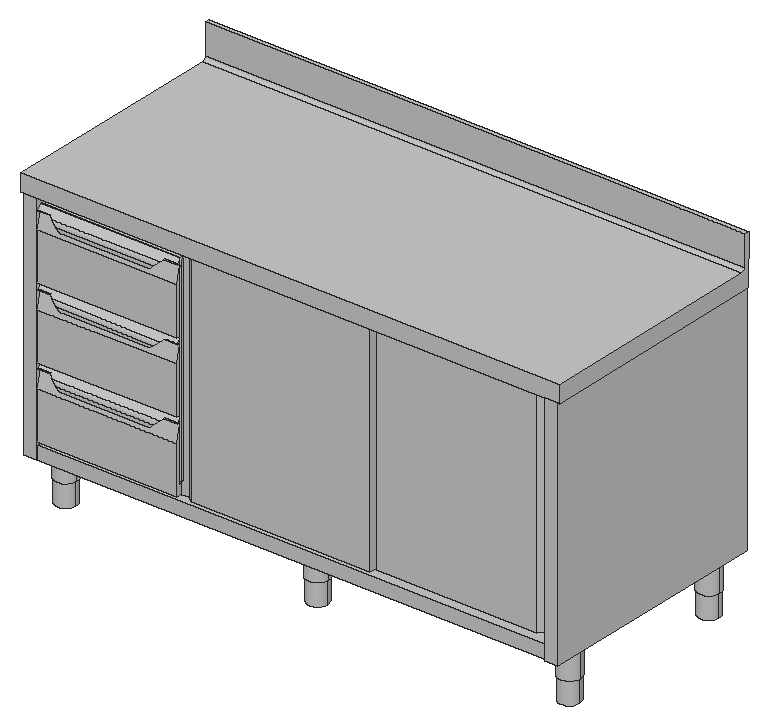
Revit family "QF_ELECTROLUXPROFESSIONAL_133170_NTA1610SXP", category Attrezzature speciali, Revit 2020
Family settings
  Quota connettore circolare = Usa diametro
  Tipo di parte = Normale
  Basato su piano di lavoro = No
  Sempre verticale = Sì
  Taglio con vuoti quando caricato = No
  Condiviso = No
  Punto di calcolo locali = No
Parameters (values of type "Standard")
  Weight = 70.00 kg
  Watts = 0 W
  Volts = 0 V
  URL Manufacturer = "https://www.electroluxprofessional.com/"
  URL = "https://www.electroluxprofessional.com/"
  Steam Supply Size = 0 mm
  Steam Supply Minimum Pressure = 0.0 Pa
  Steam Supply Maximum Pressure = 0.0 Pa
  Steam Consumption per Hour = 0
  Refrigeration Suction Line Size = 0.0 mm
  Refrigeration Liquid Line Size = 0.0 mm
  Refrigerant Compressor Remote = yes
  Prospetto di default = 0.0 mm
  Phase = 0
  Modello = "NTA1610SXP"
  Produttore = "Electrolux Professional"
  Length Actual = 1600.0 mm  # constant formula
  Item Number = "133170"
  Hot Water Size = 0 mm
  Height Actual = 1000.0 mm  # constant formula
  HP = "0 HP"
  Gas Size = 0 mm
  Gas KW = 0
  Gas Input Pressure = 0 W
  Direct Waste Size = 0 mm
  Descrizione = "TABLE+SPLBACK3L/H DRAW 2SLID.DOORS1600MM"
  Depth Actual = 700.0 mm  # constant formula
  Cycle = 0 Hz
  Condensate Return Size = 0 mm
  Compressed Air Volume = 0.0 L/s
  Compressed Air Size = 0 mm
  Compressed Air Pressure = 0.0 Pa
  Cold Water Size = 0 mm
  Accessory = yes
Reference planes
  plane 1 "Center (Front/Back)": y = 0
  plane 2: z = 0
  plane 3 "BACK": y = 350
  plane 4 "FRONT": y = -350
  plane 5 "TOP": z = 900
  plane 6: y = 270
  plane 7: y = -247
  plane 8 "FEET": z = 150
  plane 9: y = -344.5
  plane 10 "BaseTop": z = 850
  plane 11: y = 344.5
  plane 12: z = 1000
  plane 13 "Center (Left/Right)": x = -200
  plane 14: x = 9
  plane 15 "Right": x = 600
  plane 16 "Left": x = -1000
  plane 17: x = 554
  plane 18: x = -954
  plane 19: x = 556.5
  plane 20: x = -538.5
  plane 21: x = 33.5
  plane 22: x = -15.5
  plane 23: x = 594.5
  plane 24: x = -536
  plane 25: x = -956.5
  plane 26: x = 547
  plane 27: x = -947
  plane 28: x = -994.5
Forms (mm)
  Extrusion 1, solid, material "QF_Finishes_Stainless Steel"
    sketch origin (-400, 0, 150) x (1, 0, 0) y (0, 1, 0)
      loop
        line (994.5, 350) -> (956.5, 350) -> (956.5, -350) -> (994.5, -350) -> (994.5, 350)
      loop
        line (-556.4, 350) -> (-594.5, 350) -> (-594.5, -344.5) -> (-556.4, -344.5) -> (-556.4, 350)
    from 0 to 700
  Extrusion 2, solid, material "QF_Finishes_Stainless Steel"
    sketch origin (-400, 0, 150) x (1, 0, 0) y (0, 1, 0)
      loop
        line (956.5, 347) -> (-556.5, 347) -> (-556.5, -344.5) -> (956.5, -344.5) -> (956.5, 347)
    from 0 to 40
  Extrusion 3, solid, material "QF_Finishes_Stainless Steel"
    sketch origin (-433, 0, 150) x (1, 0, 0) y (0, 1, 0)
      loop
        line (417.5, -324.5) -> (946.034, -324.5) -> (966.034, -307.5) -> (985, -307.5) -> (985, -315.812) -> (976.312, -324.5) -> (977.942, -326.129) -> (987, -317.071) -> (987, -304.5) -> (417.5, -304.5) -> (417.5, -324.5)
    from 700 to 50
  Extrusion 4, void
    sketch origin (-400, -350, 0) x (1, 0, 0) y (0, 0, -1)
      loop
        line (942.418, -247.973) -> (956.5, -229.369) -> (956.5, -191.4) -> (942.418, -191.4) -> (942.418, -247.973)
      loop
        line (942.418, -816.627) -> (942.418, -850) -> (956.5, -850) -> (956.5, -835.231) -> (942.418, -816.627)
    from 20.5 to 40.5
  Extrusion 5, solid, material "QF_Finishes_Stainless Steel"
    sketch origin (-400, 0, 150) x (1, 0, 0) y (0, 1, 0)
      loop
        line (-556.5, 350) -> (-556.5, 327) -> (956.5, 327) -> (956.5, 350) -> (-556.5, 350)
    from 700 to 40
  Extrusion 6, solid, material "QF_Finishes_Stainless Steel"
    sketch origin (9, 0, 0) x (0, 1, 0) y (0, 0, -1)
      loop
        line (-350, -900) -> (327, -900)
        arc (327, -900) -> (334.071, -902.929) -> (337, -910) r 10
        line (337, -910) -> (337, -1000) -> (350, -1000) -> (350, -850) -> (-350, -850) -> (-350, -900)
    from 1009 to -591
  Extrusion 7, solid, material "QF_Finishes_Stainless Steel"
    sketch origin (447, -20, 150) x (-1, 0, 0) y (0, -1, 0)
      loop
        line (413.5, 324.5) -> (413.5, 304.5) -> (983, 304.5) -> (983, 319.071) -> (975.942, 326.129) -> (974.312, 324.5) -> (981, 317.812) -> (981, 309.5) -> (964.034, 309.5) -> (944.034, 324.5) -> (413.5, 324.5)
    from 700 to 50
  Extrusion 8, void
    sketch origin (414, -350, 0) x (-1, 0, 0) y (0, 0, 1)
      loop
        line (940.418, 247.973) -> (940.418, 191.4) -> (952.5, 191.4) -> (952.5, 229.369) -> (940.418, 247.973)
      loop
        line (940.418, 816.627) -> (952.5, 835.231) -> (952.5, 850) -> (940.418, 850) -> (940.418, 816.627)
    from 2.49 to 20.5
  Extrusion 9, solid, material "QF_Finishes_Stainless Steel"
    sketch origin (0, 0, 850) x (-1, 0, 0) y (0, -1, 0)
      loop
        line (-556.5, 304.5) -> (-556.5, 299.5) -> (-554, 299.5) -> (-554, 304.5) -> (-556.5, 304.5)
    from 0 to -2
Cuts and joins
  Extrusion 4 cuts Extrusion 1
  Extrusion 4 cuts Extrusion 3
  Extrusion 4 cuts Extrusion 6
  Extrusion 8 cuts Extrusion 7
Lines and regions (mm)
  symbolic lines, style "SpecialityEquipment"
    curve 1: line (-1000, 350, 850) -> (600, 350, 850)
    curve 2: line (-1000, -350, 850) -> (-1000, 350, 850)
    curve 3: line (600, -350, 850) -> (-1000, -350, 850)
    curve 4: line (600, 350, 850) -> (600, -350, 850)
    curve 10: line (-1000, 337, 850) -> (600, 337, 850)
  symbolic lines, style "SpecialityEquipmentHiddenLines"
    curve 5: line (33.5, -324.5, 200) -> (33.5, -344.5, 200)
    curve 6: line (-431.5, -344.5, 850) -> (99.034, -344.5, 850)
    curve 7: line (99.034, -344.5, 850) -> (119.034, -329.5, 850)
    curve 8: line (119.034, -329.5, 850) -> (138, -329.5, 850)
    curve 9: line (138, -329.5, 850) -> (138, -324.5, 850)
    curve 11: line (554, -304.5, 850) -> (-15.5, -304.5, 850)
    curve 12: line (-15.5, -304.5, 850) -> (-15.5, -324.5, 850)
    curve 13: line (-536, -324.5, 850) -> (513.034, -324.5, 850)
    curve 14: line (513.034, -324.5, 850) -> (533.034, -309.5, 850)
    curve 15: line (533.034, -309.5, 850) -> (554, -309.5, 850)
    curve 16: line (554, -309.5, 850) -> (554, -304.5, 850)
    curve 17: line (-497.034, -344.5, 850) -> (-517.034, -329.5, 850)
    curve 18: line (-517.034, -329.5, 850) -> (-536, -329.5, 850)
    curve 19: line (-536, -329.5, 850) -> (-536, -324.5, 850)
Dimensions and locks
  plane 3 "BACK" to plane 4 "FRONT" = 700.0 mm
  equal spacing: plane 3 "BACK", plane 1 "Center (Front/Back)", plane 4 "FRONT"
  locked: plane 8 "FEET" to level at 150
  locked: plane 3 "BACK" to plane 6 at 80
  locked: plane 7 to plane 4 "FRONT" at 103
  plane 9 to plane 4 "FRONT" = 5.5 mm  (x2)
  plane 3 "BACK" to plane 11 = 5.5 mm
  plane 5 "TOP" to level = 900.0 mm
  locked: plane 12 to level at 1000
  plane 12 to plane 5 "TOP" = 100.0 mm
  plane 21 to plane 22 = 49.0 mm
  equal spacing: plane 21, plane 14, plane 22
  locked: plane 15 "Right" to plane 23 at 5.5
  locked: plane 23 to plane 19 at 38
  locked: plane 24 to plane 20 at 2.5
  equal spacing: plane 17, plane 14, plane 24
  locked: plane 17 to plane 24 at 1090
  locked: plane 15 "Right" to plane 16 "Left" at 1600
  locked: plane 26 to plane 23 at 47.5
  locked: plane 28 to plane 16 "Left" at 5.5
  locked: plane 25 to plane 28 at 38
  locked: plane 18 to plane 25 at 2.5
  locked: plane 28 to plane 27 at 47.5
  plane 15 "Right" to plane 16 "Left" = 1600.0 mm
  locked: plane 19 to plane 17 at 2.5
  aligned and locked: level to plane 2
  aligned and locked: Extrusion 1 to plane 19
  aligned and locked: plane 19 to Extrusion 2
  aligned and locked: Extrusion 3 to plane 22
  aligned and locked: nested 4 to nested 2
  aligned and locked: plane 19 to Extrusion 5
  aligned and locked: plane 15 "Right" to Extrusion 6
  aligned and locked: Extrusion 6 to plane 16 "Left"
  aligned and locked: plane 25 to Extrusion 2 sketch curve
  aligned and locked: nested 1 to plane 26
  aligned and locked: nested 3 to nested 1
  aligned and locked: nested 2 to plane 27
  aligned and locked: nested 6 to nested 5
  aligned and locked: plane 25 to Extrusion 5
  aligned and locked: curve 5 to cut or joined group of Extrusion 7, Extrusion 8
  aligned and locked: nested 7 to plane 18
Automatic sketch dimensions
  curve 5 to plane 9 = 0.0 mm
  plane 9 to curve 5 = 20.0 mm
  Extrusion 6 sketch curve to plane 4 "FRONT" = 0.0 mm
  Extrusion 6 sketch curve to plane 5 "TOP" = 0.0 mm
  Extrusion 6 sketch curve to plane 12 = 0.0 mm
  Extrusion 6 sketch curve to plane 3 "BACK" = 0.0 mm
  Extrusion 6 sketch curve to plane 10 "BaseTop" = 0.0 mm
  plane 11 to Extrusion 6 sketch curve = 17.5 mm
  plane 11 to Extrusion 6 sketch curve = 7.5 mm
  Extrusion 7 sketch curve to plane 21 = 0.0 mm
  Extrusion 7 sketch curve to plane 9 = 0.0 mm  (x2)
  Extrusion 7 sketch curve to plane 24 = 0.0 mm
  Extrusion 7 sketch curve to plane 24 = 38.966 mm
  Extrusion 7 sketch curve to plane 24 = 18.966 mm
  Extrusion 7 sketch curve to plane 24 = 8.688 mm
  Extrusion 7 sketch curve to plane 9 = 1.629 mm
  Extrusion 7 sketch curve to Extrusion 7 sketch curve = 1.629 mm
  Extrusion 7 sketch curve to plane 24 = 2.0 mm
  plane 9 to Extrusion 7 sketch curve = 15.0 mm
  Extrusion 7 sketch curve to Extrusion 7 sketch curve = 5.0 mm
  Extrusion 8 sketch curve to plane 10 "BaseTop" = 0.0 mm
  plane 20 to Extrusion 8 sketch curve = 0.0 mm  (x2)
  Extrusion 8 sketch curve to plane 24 = 9.582 mm  (x2)
  Extrusion 8 sketch curve to Extrusion 8 sketch curve = 14.769 mm
  Extrusion 8 sketch curve to Extrusion 8 sketch curve = 18.604 mm  (x2)
  plane 8 "FEET" to Extrusion 8 sketch curve = 97.973 mm
  Extrusion 8 sketch curve to Extrusion 8 sketch curve = 37.969 mm
  curve 4 to plane 3 "BACK" = 0.0 mm
  curve 4 to plane 15 "Right" = 0.0 mm
  curve 16 to plane 17 = 0.0 mm
  curve 6 to plane 9 = 0.0 mm
  curve 12 to plane 22 = 0.0 mm
  curve 17 to plane 9 = 0.0 mm
  curve 18 to plane 24 = 0.0 mm
  curve 3 to plane 4 "FRONT" = 0.0 mm
  curve 3 to plane 16 "Left" = 0.0 mm
  plane 26 to curve 14 = 13.966 mm
  curve 14 to curve 13 = 20.0 mm
  plane 9 to curve 8 = 15.0 mm
  curve 8 to plane 21 = 104.5 mm
  curve 8 to curve 8 = 18.966 mm
  curve 7 to curve 6 = 20.0 mm
  curve 18 to curve 18 = 18.966 mm
  plane 9 to curve 11 = 40.0 mm
  curve 11 to curve 16 = 5.0 mm
  plane 9 to curve 13 = 20.0 mm
  curve 13 to curve 19 = 5.0 mm
  curve 6 to curve 17 = 85.534 mm
  curve 17 to curve 17 = 20.0 mm
  curve 10 to plane 11 = 7.5 mm
  Extrusion 1 sketch curve to plane 9 = 0.0 mm
  Extrusion 1 sketch curve to plane 28 = 0.0 mm
  Extrusion 1 sketch curve to plane 3 "BACK" = 0.0 mm  (x2)
  Extrusion 1 sketch curve to plane 19 = 0.0 mm
  Extrusion 1 sketch curve to plane 4 "FRONT" = 0.0 mm
  Extrusion 1 sketch curve to plane 23 = 0.0 mm
  plane 25 to Extrusion 1 sketch curve = 0.1 mm
  Extrusion 2 sketch curve to plane 9 = 0.0 mm
  Extrusion 2 sketch curve to plane 19 = 0.0 mm
  plane 11 to Extrusion 2 sketch curve = 2.5 mm
  Extrusion 3 sketch curve to plane 22 = 0.0 mm
  Extrusion 3 sketch curve to plane 17 = 0.0 mm
  plane 26 to Extrusion 3 sketch curve = 33.966 mm
  plane 26 to Extrusion 3 sketch curve = 13.966 mm
  plane 26 to Extrusion 3 sketch curve = 3.688 mm
  plane 26 to Extrusion 3 sketch curve = 2.058 mm
  plane 17 to Extrusion 3 sketch curve = 2.0 mm
  plane 4 "FRONT" to Extrusion 3 sketch curve = 23.871 mm
  plane 9 to Extrusion 3 sketch curve = 20.0 mm
  Extrusion 3 sketch curve to Extrusion 3 sketch curve = 1.629 mm
  Extrusion 3 sketch curve to Extrusion 3 sketch curve = 8.312 mm
  Extrusion 3 sketch curve to Extrusion 3 sketch curve = 20.0 mm
  Extrusion 4 sketch curve to plane 10 "BaseTop" = 0.0 mm
  plane 19 to Extrusion 4 sketch curve = 0.0 mm  (x2)
  plane 26 to Extrusion 4 sketch curve = 4.582 mm  (x2)
  Extrusion 4 sketch curve to Extrusion 4 sketch curve = 14.769 mm
  Extrusion 4 sketch curve to Extrusion 4 sketch curve = 18.604 mm  (x2)
  plane 8 "FEET" to Extrusion 4 sketch curve = 97.973 mm
  Extrusion 4 sketch curve to Extrusion 4 sketch curve = 37.969 mm
  Extrusion 5 sketch curve to plane 3 "BACK" = 0.0 mm
  Extrusion 5 sketch curve to plane 25 = 0.0 mm
  Extrusion 5 sketch curve to plane 19 = 0.0 mm
  Extrusion 5 sketch curve to plane 11 = 17.5 mm
  Extrusion 9 sketch curve to plane 17 = 0.0 mm
  plane 19 to Extrusion 9 sketch curve = 0.0 mm
  plane 9 to Extrusion 9 sketch curve = 45.0 mm
  Extrusion 9 sketch curve to Extrusion 9 sketch curve = 5.0 mm
Nested families
  nested 1: "FEET_D60-150" at (547, -247, 0) x (-1, 0, 0) z (0, 0, 1), type "FEET_D60-150"
  nested 2: "FEET_D60-150" at (-947, -247, 0) x (-1, 0, 0) z (0, 0, 1), type "FEET_D60-150"
  nested 3: "FEET_D60-150" at (547, 270, 0) x (-1, 0, 0) z (0, 0, 1), type "FEET_D60-150"
  nested 4: "FEET_D60-150" at (-947, 270, 0) x (-1, 0, 0) z (0, 0, 1), type "FEET_D60-150"
  nested 5: "FEET_D60-150" at (-200, -247, 0) x (-1, 0, 0) z (0, 0, 1), type "FEET_D60-150"
  nested 6: "FEET_D60-150" at (-200, 270, 0) x (-1, 0, 0) z (0, 0, 1), type "FEET_D60-150"
  nested 7: "H637_600_3DRAWERS" at (-710.458, -304.5, 152) x (-1, 0, 0) z (0, -1, 0), type "H637_600_3DRAWERS"
    with Show Clearance yes
Definition of nested family "FEET_D60-150"
  Parameters
    Default Elevation = 0.0 mm
    FEET = 150.0 mm
  Reference planes
    plane 1 "Center (Front/Back)": y = 0
    plane 2: z = 0
    plane 3 "Center (Left/Right)": x = 0
    plane 4: z = 150
  Forms (mm)
    Extrusion 1, solid
      sketch origin (0, 0, 0) x (1, 0, 0) y (0, 1, 0)
        loop
          circle (0, 0) r 28
      from 0 to 67
    Revolve 2, solid
      sketch origin (0, 0, 0) x (1, 0, 0) y (0, 0, 1)
        loop
          line (0, 0) -> (0, 150) -> (-32.939, 150) -> (-32.939, 67) -> (-30, 67) -> (-30, 0) -> (0, 0)
        axis (0, 150) -> (0, 0)
      angle from 0 to 360
  Lines and regions (mm)
    symbolic lines
      curve 1: line (0, -1.503, 0) -> (0, 1.508, 0)
      curve 2: line (1.561, 0, 0) -> (-1.439, 0, 0)
  Dimensions and locks
    "FEET": plane 4 to plane 2
    aligned and locked: level to plane 2
  Automatic sketch dimensions
    plane 1 "Center (Front/Back)" to Extrusion 1 sketch curve = 0.0 mm
    Extrusion 1 sketch curve to plane 3 "Center (Left/Right)" = 0.0 mm
    plane 1 "Center (Front/Back)" to curve 2 = 0.0 mm
    curve 1 to plane 3 "Center (Left/Right)" = 0.0 mm
    curve 2 to plane 3 "Center (Left/Right)" = 1.439 mm
    plane 3 "Center (Left/Right)" to curve 2 = 1.561 mm
    plane 1 "Center (Front/Back)" to curve 1 = 1.503 mm
    curve 1 to plane 1 "Center (Front/Back)" = 1.508 mm
    Revolve 2 sketch curve to plane 4 = 0.0 mm
    Revolve 2 sketch curve to level = 0.0 mm
    Revolve 2 sketch curve to plane 3 "Center (Left/Right)" = 0.0 mm  (x2)
    Revolve 2 sketch curve to plane 3 "Center (Left/Right)" = 30.0 mm
    Revolve 2 sketch curve to plane 3 "Center (Left/Right)" = 32.939 mm
    level to Revolve 2 sketch curve = 67.0 mm
    Revolve 2 sketch curve to level = 42.207 mm
    Revolve 2 sketch curve to Revolve 2 sketch curve = 10.0 mm
    radius of Extrusion 1 sketch curve = 28.0 mm
Definition of nested family "H637_600_3DRAWERS"
  Parameters
    Width = 419.0 mm
    Show Clearance [instance] = yes
    Model = "727995"
    Height = 700.0 mm
    Default Elevation = 0.0 mm
  Reference planes
    plane 1 "Center (Front/Back)": y = 0
    plane 2: z = 0
    plane 3 "Center (Left/Right)": x = 36.042
    plane 4 "panel": z = 25
    plane 5 "Left": x = -173.458
    plane 6 "Right": x = 245.542
    plane 7: y = 700
    plane 8: z = 45
    plane 9: x = 243.542
    plane 10: x = -171.458
    plane 11: y = 676
    plane 12: y = 38
    plane 13: z = 499.734
    plane 14: y = 470
    plane 15: y = 465
    plane 16: y = 259
    plane 17: y = 254
    plane 18: y = 48
  Forms (mm)
    Extrusion 1, solid
      sketch origin (0, -919.2, 0) x (1, 0, 0) y (0, 1, 0)
        loop
          line (-980.5, 2119.2) -> (-980.5, -162.846) -> (881.94, -162.846) -> (881.94, 2119.2) -> (-980.5, 2119.2)
      from 0 to -59.546
    Extrusion 2, solid
      sketch origin (36.042, -645.693, 0) x (0, 1, 0) y (0, 0, 1)
        loop
          line (856.63, 49.734) -> (856.63, 47.734) -> (866.98, 47.734)
          arc (866.98, 47.734) -> (873.586, 46.42) -> (879.186, 42.679) r 17.261
          line (879.186, 42.679) -> (896.019, 25.845) -> (899.693, 25) -> (880.6, 44.093)
          arc (880.6, 44.093) -> (874.351, 48.268) -> (866.98, 49.734) r 19.261
          line (866.98, 49.734) -> (856.63, 49.734)
      from -207.5 to 207.5
    Extrusion 3, solid, detail levels coarse
      sketch origin (0, 0, 0) x (1, 0, 0) y (0, 0, 1)
        loop
          line (-171.458, 40) -> (243.542, 40) -> (243.542, 499.734) -> (-171.458, 499.734) -> (-171.458, 40)
      from -48 to -254
    Extrusion 4, solid
      sketch origin (36.042, -616, 0) x (0, 1, 0) y (0, 0, 1)
        loop
          line (664.4, 40) -> (664.4, 0) -> (870, 0) -> (870, 25) -> (804.797, 40) -> (664.4, 40)
      from 207.5 to -207.5
    Extrusion 5, void
      sketch origin (0, 0, 0) x (1, 0, 0) y (0, 1, 0)
        loop
          line (-99.744, 213.799) -> (-133.705, 243.322) -> (-166.458, 243.322)
          arc (-166.458, 243.322) -> (-169.994, 244.786) -> (-171.458, 248.322) r 5
          line (-171.458, 248.322) -> (-171.458, 210.937) -> (-91.403, 210.937)
          arc (-91.403, 210.937) -> (-95.762, 211.819) -> (-99.744, 213.799) r 17.035
      from 36.678 to 53.74
    Extrusion 6, void
      sketch origin (72.084, 0, 0) x (-1, 0, 0) y (0, -1, 0)
        loop
          arc (-99.744, -213.799) -> (-95.762, -211.819) -> (-91.403, -210.937) r 17.035
          line (-91.403, -210.937) -> (-171.458, -210.937) -> (-171.458, -248.322)
          arc (-171.458, -248.322) -> (-169.994, -244.786) -> (-166.458, -243.322) r 5
          line (-166.458, -243.322) -> (-133.705, -243.322) -> (-99.744, -213.799)
      from 36.678 to 53.74
    Extrusion 7, solid
      sketch origin (36.042, -434.693, 0) x (0, 1, 0) y (0, 0, 1)
        loop
          line (856.63, 49.734) -> (856.63, 47.734) -> (866.98, 47.734)
          arc (866.98, 47.734) -> (873.586, 46.42) -> (879.186, 42.679) r 17.261
          line (879.186, 42.679) -> (896.019, 25.845) -> (899.693, 25) -> (880.6, 44.093)
          arc (880.6, 44.093) -> (874.351, 48.268) -> (866.98, 49.734) r 19.261
          line (866.98, 49.734) -> (856.63, 49.734)
      from -207.5 to 207.5
    Extrusion 8, solid
      sketch origin (36.042, -405, 0) x (0, 1, 0) y (0, 0, 1)
        loop
          line (664, 40) -> (664, 0) -> (870, 0) -> (870, 25) -> (804.797, 40) -> (664, 40)
      from 207.5 to -207.5
    Extrusion 9, void
      sketch origin (0, 211, 0) x (1, 0, 0) y (0, 1, 0)
        loop
          line (-99.744, 213.799) -> (-133.705, 243.322) -> (-166.458, 243.322)
          arc (-166.458, 243.322) -> (-169.994, 244.786) -> (-171.458, 248.322) r 5
          line (-171.458, 248.322) -> (-171.458, 210.937) -> (-91.403, 210.937)
          arc (-91.403, 210.937) -> (-95.762, 211.819) -> (-99.744, 213.799) r 17.035
      from 36.678 to 53.74
    Extrusion 10, void
      sketch origin (72.084, 211, 0) x (-1, 0, 0) y (0, -1, 0)
        loop
          arc (-99.744, -213.799) -> (-95.762, -211.819) -> (-91.403, -210.937) r 17.035
          line (-91.403, -210.937) -> (-171.458, -210.937) -> (-171.458, -248.322)
          arc (-171.458, -248.322) -> (-169.994, -244.786) -> (-166.458, -243.322) r 5
          line (-166.458, -243.322) -> (-133.705, -243.322) -> (-99.744, -213.799)
      from 36.678 to 53.74
    Extrusion 11, solid
      sketch origin (36.042, -223.693, 0) x (0, 1, 0) y (0, 0, 1)
        loop
          line (856.63, 49.734) -> (856.63, 47.734) -> (866.98, 47.734)
          arc (866.98, 47.734) -> (873.586, 46.42) -> (879.186, 42.679) r 17.261
          line (879.186, 42.679) -> (896.019, 25.845) -> (899.693, 25) -> (880.6, 44.093)
          arc (880.6, 44.093) -> (874.351, 48.268) -> (866.98, 49.734) r 19.261
          line (866.98, 49.734) -> (856.63, 49.734)
      from -207.5 to 207.5
    Extrusion 12, solid
      sketch origin (36.042, -194, 0) x (0, 1, 0) y (0, 0, 1)
        loop
          line (664, 40) -> (664, 0) -> (870, 0) -> (870, 25) -> (804.797, 40) -> (664, 40)
      from 207.5 to -207.5
    Extrusion 13, void
      sketch origin (0, 422, 0) x (1, 0, 0) y (0, 1, 0)
        loop
          line (-99.744, 213.799) -> (-133.705, 243.322) -> (-166.458, 243.322)
          arc (-166.458, 243.322) -> (-169.994, 244.786) -> (-171.458, 248.322) r 5
          line (-171.458, 248.322) -> (-171.458, 210.937) -> (-91.403, 210.937)
          arc (-91.403, 210.937) -> (-95.762, 211.819) -> (-99.744, 213.799) r 17.035
      from 36.678 to 53.74
    Extrusion 14, void
      sketch origin (72.084, 422, 0) x (-1, 0, 0) y (0, -1, 0)
        loop
          arc (-99.744, -213.799) -> (-95.762, -211.819) -> (-91.403, -210.937) r 17.035
          line (-91.403, -210.937) -> (-171.458, -210.937) -> (-171.458, -248.322)
          arc (-171.458, -248.322) -> (-169.994, -244.786) -> (-166.458, -243.322) r 5
          line (-166.458, -243.322) -> (-133.705, -243.322) -> (-99.744, -213.799)
      from 36.678 to 53.74
    Extrusion 15, solid, detail levels coarse
      sketch origin (0, 0, 0) x (1, 0, 0) y (0, 0, 1)
        loop
          line (-171.458, 40) -> (243.542, 40) -> (243.542, 499.734) -> (-171.458, 499.734) -> (-171.458, 40)
      from -259 to -465
    Extrusion 16, solid, detail levels coarse
      sketch origin (0, 0, 0) x (1, 0, 0) y (0, 0, 1)
        loop
          line (-171.458, 40) -> (243.542, 40) -> (243.542, 499.734) -> (-171.458, 499.734) -> (-171.458, 40)
      from -470 to -676
  Cuts and joins
    Extrusion 5, Extrusion 6, Extrusion 9, Extrusion 10 cuts Extrusion 2
    Extrusion 5 cuts Extrusion 4
    Extrusion 9, Extrusion 10, Extrusion 13, Extrusion 14 cuts Extrusion 7
    Extrusion 13, Extrusion 14 cuts Extrusion 11
  Lines and regions (mm)
    symbolic lines
      curve 1: line (243.542, 0, 179.734) -> (243.542, 0, 199.734)
      curve 2: line (212.235, 0, 49.734) -> (-171.458, 0, 49.734)
      curve 3: spline (231.959, 0, 44.389) -> (230.421, 0, 45.265) -> (228.856, 0, 46.066) -> (227.265, 0, 46.791) -> (225.651, 0, 47.437) -> (224.017, 0, 48.005) -> (222.365, 0, 48.493) -> (220.698, 0, 48.9) -> (219.019, 0, 49.226) -> (217.331, 0, 49.471) -> (215.636, 0, 49.633) -> (213.936, 0, 49.712) -> (212.236, 0, 49.71)
      curve 4: line (238.456, 0, 40) -> (231.959, 0, 44.389)
      curve 5: line (243.542, 0, 500) -> (-171.458, 0, 500)
      curve 6: line (243.542, 0, 349.734) -> (-171.458, 0, 349.734)
      curve 7: line (243.542, 0, 199.734) -> (-171.458, 0, 199.734)
      curve 8: line (243.542, 0, 480) -> (-171.458, 0, 480)
      curve 9: line (243.542, 0, 329.734) -> (-171.458, 0, 329.734)
      curve 10: line (243.542, 0, 179.734) -> (-171.458, 0, 179.734)
      curve 11: line (-156.458, 0, 49.734) -> (-156.458, 0, 179.734)
      curve 12: line (-156.458, 0, 349.734) -> (-156.458, 0, 480)
      curve 13: line (-156.458, 0, 199.734) -> (-156.458, 0, 329.734)
      curve 14: line (228.542, 0, 49.734) -> (228.542, 0, 179.734)
      curve 15: line (228.542, 0, 349.734) -> (228.542, 0, 480)
      curve 16: line (228.542, 0, 199.734) -> (228.542, 0, 329.734)
      curve 17: line (243.542, 0, 480) -> (243.542, 0, 500)
      curve 18: line (243.542, 0, 329.734) -> (243.542, 0, 349.734)
      curve 19: line (-171.458, 0, 179.734) -> (-171.458, 0, 199.734)
      curve 20: line (-171.458, 0, 480) -> (-171.458, 0, 500)
      curve 21: line (-171.458, 0, 329.734) -> (-171.458, 0, 349.734)
  Dimensions and locks
    plane 4 "panel" to level = 25.0 mm
    "Width": plane 5 "Left" to plane 6 "Right"
    equal spacing: plane 5 "Left", plane 3 "Center (Left/Right)", plane 6 "Right"
    "Height": plane 1 "Center (Front/Back)" to plane 7
    plane 9 to plane 6 "Right" = 2.0 mm
    plane 5 "Left" to plane 10 = 2.0 mm
    plane 7 to plane 11 = 24.0 mm
    plane 1 "Center (Front/Back)" to plane 12 = 38.0 mm
    plane 10 to plane 9 = 415.0 mm
    plane 11 to plane 14 = 206.0 mm
    locked: plane 14 to plane 15 at 5
    plane 15 to plane 16 = 206.0 mm
    locked: plane 16 to plane 17 at 5
    plane 17 to plane 18 = 206.0 mm  (x2)
    plane 16 to plane 17 = 5.0 mm
    plane 14 to plane 15 = 5.0 mm
    plane 16 to plane 15 = 206.0 mm
    plane 14 to plane 11 = 206.0 mm
    aligned and locked: plane 2 to Extrusion 1
    aligned and locked: level to Extrusion 1
    aligned and locked: plane 9 to Extrusion 4
    aligned and locked: plane 10 to Extrusion 4
  Automatic sketch dimensions
    Extrusion 1 sketch curve to Extrusion 1 sketch curve = 1862.44 mm
    Extrusion 1 sketch curve to Extrusion 1 sketch curve = 2282.046 mm
    Extrusion 2 sketch curve to Extrusion 2 sketch curve = 0.0 mm  (x2)
    Extrusion 2 sketch curve to plane 4 "panel" = 0.0 mm
    Extrusion 2 sketch curve to plane 17 = 0.0 mm
    plane 4 "panel" to Extrusion 2 sketch curve = 0.845 mm
    Extrusion 2 sketch curve to plane 17 = 3.674 mm
    Extrusion 2 sketch curve to plane 8 = 0.907 mm
    Extrusion 2 sketch curve to plane 17 = 19.093 mm
    Extrusion 2 sketch curve to plane 8 = 2.321 mm
    Extrusion 2 sketch curve to Extrusion 2 sketch curve = 1.414 mm
    plane 4 "panel" to Extrusion 2 sketch curve = 5.474 mm
    Extrusion 2 sketch curve to Extrusion 2 sketch curve = 12.205 mm
    Extrusion 2 sketch curve to Extrusion 2 sketch curve = 10.351 mm
    Extrusion 4 sketch curve to level = 0.0 mm
    Extrusion 4 sketch curve to plane 4 "panel" = 0.0 mm
    Extrusion 4 sketch curve to plane 17 = 0.0 mm
    Extrusion 4 sketch curve to plane 8 = 5.0 mm
    Extrusion 4 sketch curve to plane 17 = 65.203 mm
    plane 18 to Extrusion 4 sketch curve = 0.4 mm
    Extrusion 7 sketch curve to Extrusion 7 sketch curve = 0.0 mm  (x2)
    Extrusion 7 sketch curve to plane 4 "panel" = 0.0 mm
    Extrusion 7 sketch curve to plane 15 = 0.0 mm
    plane 4 "panel" to Extrusion 7 sketch curve = 0.845 mm
    Extrusion 7 sketch curve to plane 15 = 3.674 mm
    Extrusion 7 sketch curve to plane 8 = 0.907 mm
    Extrusion 7 sketch curve to plane 15 = 19.093 mm
    Extrusion 7 sketch curve to plane 8 = 2.321 mm
    Extrusion 7 sketch curve to Extrusion 7 sketch curve = 1.414 mm
    plane 4 "panel" to Extrusion 7 sketch curve = 5.474 mm
    Extrusion 7 sketch curve to Extrusion 7 sketch curve = 12.205 mm
    Extrusion 7 sketch curve to Extrusion 7 sketch curve = 10.351 mm
    Extrusion 8 sketch curve to plane 16 = 0.0 mm
    Extrusion 8 sketch curve to plane 4 "panel" = 0.0 mm
    Extrusion 8 sketch curve to plane 15 = 0.0 mm
    Extrusion 8 sketch curve to level = 0.0 mm
    Extrusion 8 sketch curve to plane 8 = 5.0 mm
    Extrusion 8 sketch curve to plane 15 = 65.203 mm
    Extrusion 11 sketch curve to Extrusion 11 sketch curve = 0.0 mm  (x2)
    Extrusion 11 sketch curve to plane 4 "panel" = 0.0 mm
    Extrusion 11 sketch curve to plane 11 = 0.0 mm
    plane 4 "panel" to Extrusion 11 sketch curve = 0.845 mm
    Extrusion 11 sketch curve to plane 11 = 3.674 mm
    Extrusion 11 sketch curve to plane 8 = 0.907 mm
    Extrusion 11 sketch curve to plane 11 = 19.093 mm
    Extrusion 11 sketch curve to plane 8 = 2.321 mm
    Extrusion 11 sketch curve to Extrusion 11 sketch curve = 1.414 mm
    plane 4 "panel" to Extrusion 11 sketch curve = 5.474 mm
    Extrusion 11 sketch curve to Extrusion 11 sketch curve = 12.205 mm
    Extrusion 11 sketch curve to Extrusion 11 sketch curve = 10.351 mm
    Extrusion 12 sketch curve to plane 14 = 0.0 mm
    Extrusion 12 sketch curve to plane 4 "panel" = 0.0 mm
    Extrusion 12 sketch curve to plane 11 = 0.0 mm
    Extrusion 12 sketch curve to level = 0.0 mm
    Extrusion 12 sketch curve to plane 8 = 5.0 mm
    Extrusion 12 sketch curve to plane 11 = 65.203 mm
    plane 10 to curve 21 = 0.0 mm
    plane 10 to curve 20 = 0.0 mm
    plane 10 to curve 2 = 0.0 mm
    plane 10 to curve 19 = 0.0 mm
    curve 6 to plane 9 = 0.0 mm
    curve 7 to plane 9 = 0.0 mm
    curve 17 to plane 9 = 0.0 mm
    curve 4 to plane 8 = 0.611 mm
    curve 4 to plane 9 = 11.583 mm
    plane 8 to curve 19 = 134.734 mm
    curve 19 to curve 19 = 20.0 mm
    curve 1 to curve 18 = 130.0 mm
    curve 9 to curve 18 = 20.0 mm
    plane 13 to curve 17 = 19.734 mm
    curve 20 to plane 13 = 0.266 mm
    plane 8 to curve 11 = 4.734 mm
    curve 11 to plane 10 = 15.0 mm
    curve 21 to curve 12 = 15.0 mm
    curve 19 to curve 13 = 15.0 mm
    curve 2 to curve 3 = 19.723 mm
    curve 2 to curve 3 = 0.0 mm
    curve 3 to level = 1.281 mm
    curve 3 to plane 6 "Right" = 32.398 mm
    curve 15 to curve 6 = 15.0 mm
    curve 14 to curve 1 = 15.0 mm
    curve 16 to curve 1 = 15.0 mm
    curve 4 to plane 9 = 5.086 mm
    curve 4 to plane 8 = 5.0 mm
    curve 3 to curve 2 = 0.025 mm
    plane 8 to curve 14 = 4.734 mm
    plane 10 to Extrusion 3 sketch curve = 0.0 mm
    Extrusion 3 sketch curve to plane 9 = 0.0 mm
    Extrusion 3 sketch curve to plane 13 = 0.0 mm
    Extrusion 3 sketch curve to plane 8 = 5.0 mm
    Extrusion 5 sketch curve to plane 10 = 0.0 mm
    Extrusion 5 sketch curve to plane 10 = 5.0 mm
    Extrusion 5 sketch curve to plane 17 = 10.678 mm
    Extrusion 5 sketch curve to Extrusion 5 sketch curve = 32.753 mm
    Extrusion 5 sketch curve to Extrusion 5 sketch curve = 33.961 mm
    Extrusion 5 sketch curve to Extrusion 5 sketch curve = 8.34 mm
    Extrusion 5 sketch curve to Extrusion 5 sketch curve = 9.511 mm
    Extrusion 5 sketch curve to plane 17 = 26.068 mm
    Extrusion 5 sketch curve to Extrusion 5 sketch curve = 14.132 mm
    Extrusion 6 sketch curve to plane 9 = 0.0 mm
    plane 9 to Extrusion 6 sketch curve = 5.0 mm
    plane 17 to Extrusion 6 sketch curve = 10.678 mm
    Extrusion 6 sketch curve to Extrusion 6 sketch curve = 32.753 mm
    Extrusion 6 sketch curve to Extrusion 6 sketch curve = 33.961 mm
    Extrusion 6 sketch curve to Extrusion 6 sketch curve = 8.34 mm
    Extrusion 6 sketch curve to Extrusion 6 sketch curve = 1.171 mm
    plane 17 to Extrusion 6 sketch curve = 26.068 mm
    Extrusion 6 sketch curve to Extrusion 6 sketch curve = 14.132 mm
    Extrusion 9 sketch curve to plane 10 = 0.0 mm
    Extrusion 9 sketch curve to plane 10 = 5.0 mm
    Extrusion 9 sketch curve to plane 15 = 10.678 mm
    Extrusion 9 sketch curve to Extrusion 9 sketch curve = 32.753 mm
    Extrusion 9 sketch curve to Extrusion 9 sketch curve = 33.961 mm
    Extrusion 9 sketch curve to Extrusion 9 sketch curve = 8.34 mm
    Extrusion 9 sketch curve to Extrusion 9 sketch curve = 9.511 mm
    Extrusion 9 sketch curve to plane 15 = 26.068 mm
    Extrusion 9 sketch curve to Extrusion 9 sketch curve = 14.132 mm
    Extrusion 10 sketch curve to plane 9 = 0.0 mm
    plane 9 to Extrusion 10 sketch curve = 5.0 mm
    plane 15 to Extrusion 10 sketch curve = 10.678 mm
    Extrusion 10 sketch curve to Extrusion 10 sketch curve = 32.753 mm
    Extrusion 10 sketch curve to Extrusion 10 sketch curve = 33.961 mm
    Extrusion 10 sketch curve to Extrusion 10 sketch curve = 8.34 mm
    Extrusion 10 sketch curve to Extrusion 10 sketch curve = 1.171 mm
    plane 15 to Extrusion 10 sketch curve = 26.068 mm
    Extrusion 10 sketch curve to Extrusion 10 sketch curve = 14.132 mm
    Extrusion 13 sketch curve to plane 10 = 0.0 mm
    Extrusion 13 sketch curve to plane 10 = 5.0 mm
    Extrusion 13 sketch curve to plane 11 = 10.678 mm
    Extrusion 13 sketch curve to Extrusion 13 sketch curve = 32.753 mm
    Extrusion 13 sketch curve to Extrusion 13 sketch curve = 33.961 mm
    Extrusion 13 sketch curve to Extrusion 13 sketch curve = 8.34 mm
    Extrusion 13 sketch curve to Extrusion 13 sketch curve = 9.511 mm
    Extrusion 13 sketch curve to plane 11 = 26.068 mm
    Extrusion 13 sketch curve to Extrusion 13 sketch curve = 14.132 mm
    Extrusion 14 sketch curve to plane 9 = 0.0 mm
    plane 9 to Extrusion 14 sketch curve = 5.0 mm
    plane 11 to Extrusion 14 sketch curve = 10.678 mm
    Extrusion 14 sketch curve to Extrusion 14 sketch curve = 32.753 mm
    Extrusion 14 sketch curve to Extrusion 14 sketch curve = 33.961 mm
    Extrusion 14 sketch curve to Extrusion 14 sketch curve = 8.34 mm
    Extrusion 14 sketch curve to Extrusion 14 sketch curve = 1.171 mm
    plane 11 to Extrusion 14 sketch curve = 26.068 mm
    Extrusion 14 sketch curve to Extrusion 14 sketch curve = 14.132 mm
    plane 10 to Extrusion 15 sketch curve = 0.0 mm
    Extrusion 15 sketch curve to plane 9 = 0.0 mm
    Extrusion 15 sketch curve to plane 8 = 5.0 mm
    plane 13 to Extrusion 15 sketch curve = 0.0 mm
    plane 10 to Extrusion 16 sketch curve = 0.0 mm
    Extrusion 16 sketch curve to plane 9 = 0.0 mm
    Extrusion 16 sketch curve to plane 8 = 5.0 mm
    plane 8 to Extrusion 16 sketch curve = 454.734 mm
